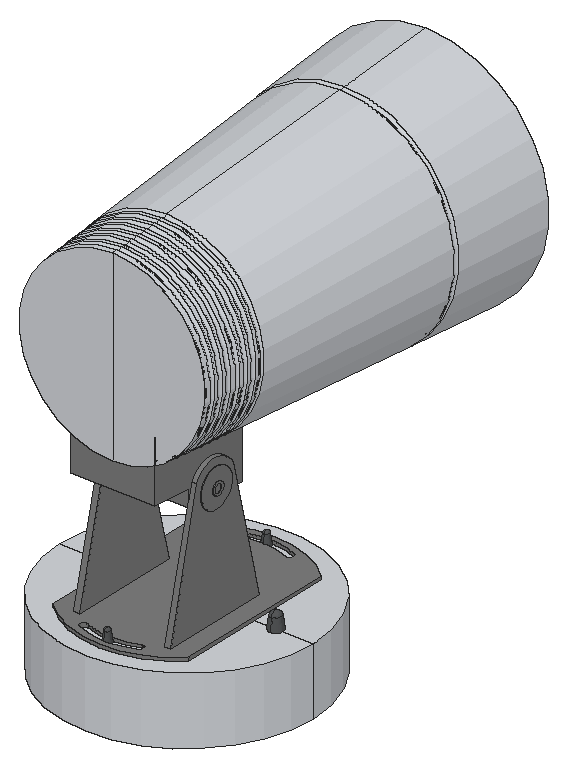
Revit family "REFLECTOR LANDSCAPE 02_RM40W.1.25", category Luminarias, Revit 2019
Family settings
  Cota de conector redondo = Diámetro de uso
  Tipo de pieza = Normal
  Se basa en plano de trabajo = Sí
  Siempre vertical = No
  Corte con vacíos al cargar = No
  Origen de luz = Sí
  Compartido = No
  Punto de cálculo de habitación = No
Parameters (values of type "RM40W.1.25")
  Ángulo de inclinación = 32.00°
  Zone [instance] = ""
  Watt per fixture = 44.8
  Wattage = 44.8 W
  built-in parameter 1150107 = 3000 (stored number, unit not read)
  built-in parameter 1150110 = 1 (stored number, unit not read)
  built-in parameter 1150109 = 1 (stored number, unit not read)
  built-in parameter 1150112 = 1 (stored number, unit not read)
  built-in parameter 1150113 = 1 (stored number, unit not read)
  built-in parameter 1114218 = 1 (stored number, unit not read)
  Keynote = ""
  built-in parameter 1150137 = (empty or 0)
  built-in parameter 1150132 = (empty or 0)
  Modelo = "RM40W.1.25"
  Lámpara = "NICHIA"
  built-in parameter 1150105 = 234.65 (stored number, unit not read)
  built-in parameter 1150102 = (empty or 0)
  built-in parameter 1150106 = 2.3465 (stored number, unit not read)
  Lumens = 2948.74 lm
  Color Filter = 16777215
  built-in parameter 1114217 = 1 (stored number, unit not read)
  built-in parameter 1150139 = (empty or 0)
  Fabricante = "BRILLANT"
  Default Elevation = 0 mm
  built-in parameter 1150104 = 6.1149 (stored number, unit not read)
  Descripción = "LUMINARIA TIPO REFLECTOR MONOCROMATICO DIRIGIBLE, CUERPO EN ALUMINIO FUNDIDO A PRESION CUBIERTO DE POLVO GRIS OSCURO Y VIDRIO TEMPLADO DE 3MM, CON UN PESO DE 5KG, CON 232MM DE LARGO POR 265MM DE ALTURA POR 110MM DE DIAMETRO, CUENTA CON 1 LED TIPO NICHIA CON UN CONSUMO DE 44.8W, 2949 LUMENES, IP 66, IRC 80, IK06, CABLE H05RN DE 0.5M, APERTURA DE 25 GRADOS EN STOCK, ALIMENTADA A 100-277V. ACCESORIOS OPCIONALES."
  built-in parameter 1150115 = 1 (stored number, unit not read)
  built-in parameter 1150114 = 1 (stored number, unit not read)
  Comentarios de vataje = "100-277V"
  built-in parameter 1150138 = (empty or 0)
  built-in parameter 1150134 = (empty or 0)
  Circuit [instance] = ""
  Dimming Lamp Color Temperature Shift = 1
  Archivo de red fotométrica = "RM40W.1_25º.ies"
  built-in parameter 1150133 = 10 (stored number, unit not read)
Reference planes
  plane 1 "Centro (Frontal/Posterior)": y = 0
  plane 2: z = 0
  plane 3 "Centro (Izquierda/Derecha)": x = 0
  plane 4: z = 265
Forms (mm)
  Revolve 1, solid, not visible
    sketch origin (-170.518, 44.498, 38.393) x (-1, 0, 0) y (0, 0, -1)
      loop
        line (92.846, -301.911) -> (92.846, -298.113) -> (82.028, -298.113)
        arc (82.028, -298.113) -> (87.129, -300.888) -> (92.846, -301.911) r 18.17
      axis (92.846, -298.113) -> (92.846, -301.911)
    angle from 0 to 360
  Extrusion 2, solid, material "Aluminio", not visible
    sketch origin (0, 0, 0) x (0, 1, 0) y (0, 0, 1)
      loop
        line (104, 336.506) -> (-104, 336.506) -> (-104, 228.571) -> (-94, 228.571)
        arc (-94, 228.571) -> (0, 201.039) -> (94, 228.571) r 174.234
        line (94, 228.571) -> (104, 228.571) -> (104, 336.506)
    from -339.373 to 342.161
  Extrusion 3, solid, material "Aluminio", not visible
    sketch origin (0, 0, 0) x (1, 0, 0) y (0, 1, 0)
      loop
        arc (-299.373, 104) -> (-315.725, 100.505) -> (-329.219, 90.632) r 40
        arc (-329.219, 90.632) -> (-323.254, 83.056) -> (-331.965, 87.19) r 4.952
        arc (-331.965, 87.19) -> (-337.476, 76.172) -> (-339.373, 64) r 40
        line (-339.373, 64) -> (-339.373, 1.506)
        arc (-339.373, 1.506) -> (-329.699, 0.016) -> (-339.373, -1.475) r 4.952
        line (-339.373, -1.475) -> (-339.373, -64)
        arc (-339.373, -64) -> (-337.476, -76.172) -> (-331.965, -87.19) r 40
        arc (-331.965, -87.19) -> (-323.254, -83.056) -> (-329.219, -90.632) r 4.952
        arc (-329.219, -90.632) -> (-315.725, -100.505) -> (-299.373, -104) r 40
        line (-299.373, -104) -> (-226.105, -104)
        arc (-226.105, -104) -> (-224.373, -94.409) -> (-222.642, -104) r 4.952
        line (-222.642, -104) -> (-77.408, -104)
        arc (-77.408, -104) -> (-75, -94.721) -> (-72.592, -104) r 4.952
        line (-72.592, -104) -> (-2.408, -104)
        arc (-2.408, -104) -> (0, -94.721) -> (2.408, -104) r 4.952
        line (2.408, -104) -> (72.592, -104)
        arc (72.592, -104) -> (75, -94.721) -> (77.408, -104) r 4.952
        line (77.408, -104) -> (177.592, -104)
        arc (177.592, -104) -> (180, -94.721) -> (182.408, -104) r 4.952
        line (182.408, -104) -> (302.161, -104)
        arc (302.161, -104) -> (318.513, -100.505) -> (332.007, -90.632) r 40
        arc (332.007, -90.632) -> (326.043, -83.056) -> (334.754, -87.19) r 4.952
        arc (334.754, -87.19) -> (340.265, -76.172) -> (342.161, -64) r 40
        line (342.161, -64) -> (342.161, -1.475)
        arc (342.161, -1.475) -> (332.487, 0.016) -> (342.161, 1.506) r 4.952
        line (342.161, 1.506) -> (342.161, 64)
        arc (342.161, 64) -> (340.265, 76.172) -> (334.754, 87.19) r 40
        arc (334.754, 87.19) -> (326.043, 83.056) -> (332.007, 90.632) r 4.952
        arc (332.007, 90.632) -> (318.513, 100.505) -> (302.161, 104) r 40
        line (302.161, 104) -> (182.408, 104)
        arc (182.408, 104) -> (180, 94.721) -> (177.592, 104) r 4.952
        line (177.592, 104) -> (77.408, 104)
        arc (77.408, 104) -> (75, 94.721) -> (72.592, 104) r 4.952
        line (72.592, 104) -> (2.408, 104)
        arc (2.408, 104) -> (0, 94.721) -> (-2.408, 104) r 4.952
        line (-2.408, 104) -> (-72.592, 104)
        arc (-72.592, 104) -> (-75, 94.721) -> (-77.408, 104) r 4.952
        line (-77.408, 104) -> (-221.965, 104)
        arc (-221.965, 104) -> (-224.373, 94.721) -> (-226.781, 104) r 4.952
        line (-226.781, 104) -> (-299.373, 104)
      loop
        arc (-299.373, 79) -> (-309.98, 74.607) -> (-314.373, 64) r 15
        line (-314.373, 64) -> (-314.373, -64)
        arc (-314.373, -64) -> (-309.98, -74.607) -> (-299.373, -79) r 15
        line (-299.373, -79) -> (302.161, -79)
        arc (302.161, -79) -> (312.768, -74.607) -> (317.161, -64) r 15
        line (317.161, -64) -> (317.161, 64)
        arc (317.161, 64) -> (312.768, 74.607) -> (302.161, 79) r 15
        line (302.161, 79) -> (-299.373, 79)
    from 336.506 to 345
  Extrusion 4, void, not visible
    sketch origin (0, 0, 0) x (1, 0, 0) y (0, 1, 0)
      loop
        arc (-339.373, 64) -> (-327.658, 92.284) -> (-299.373, 104) r 40
        line (-299.373, 104) -> (-339.373, 104) -> (-339.373, 64)
      loop
        line (-339.373, -64) -> (-339.373, -104) -> (-299.373, -104)
        arc (-299.373, -104) -> (-327.658, -92.284) -> (-339.373, -64) r 40
      loop
        line (342.161, 64) -> (342.161, 104) -> (302.161, 104)
        arc (302.161, 104) -> (330.446, 92.284) -> (342.161, 64) r 40
      loop
        arc (342.161, -64) -> (330.446, -92.284) -> (302.161, -104) r 40
        line (302.161, -104) -> (342.161, -104) -> (342.161, -64)
    from 176.462 to 336.506
  Extrusion 5, void, not visible
    sketch origin (0, 0, 0) x (1, 0, 0) y (0, 0, 1)
      loop
        line (-339.373, 184.64) -> (-274.373, 184.64) -> (-274.373, 259.64) -> (-339.373, 259.64) -> (-339.373, 184.64)
    from -104 to 104
  Extrusion 6, solid, material "Cristal", not visible
    sketch origin (0, 0, 0) x (1, 0, 0) y (0, 1, 0)
      loop
        arc (-299.373, 79) -> (-309.98, 74.607) -> (-314.373, 64) r 15
        line (-314.373, 64) -> (-314.373, -64)
        arc (-314.373, -64) -> (-309.98, -74.607) -> (-299.373, -79) r 15
        line (-299.373, -79) -> (302.161, -79)
        arc (302.161, -79) -> (312.768, -74.607) -> (317.161, -64) r 15
        line (317.161, -64) -> (317.161, 64)
        arc (317.161, 64) -> (312.768, 74.607) -> (302.161, 79) r 15
        line (302.161, 79) -> (-299.373, 79)
    from 342.509 to 345
  Revolve 7, solid, not visible
    sketch origin (356.21, 44.498, 38.393) x (-1, 0, 0) y (0, 0, -1)
      loop
        line (92.846, -301.911) -> (92.846, -298.113) -> (82.028, -298.113)
        arc (82.028, -298.113) -> (87.129, -300.888) -> (92.846, -301.911) r 18.17
      axis (92.846, -298.113) -> (92.846, -301.911)
    angle from 0 to 360
  Revolve 8, solid, not visible
    sketch origin (-104.677, 44.498, 38.393) x (-1, 0, 0) y (0, 0, -1)
      loop
        line (92.846, -301.911) -> (92.846, -298.113) -> (82.028, -298.113)
        arc (82.028, -298.113) -> (87.129, -300.888) -> (92.846, -301.911) r 18.17
      axis (92.846, -298.113) -> (92.846, -301.911)
    angle from 0 to 360
  Revolve 9, solid, not visible
    sketch origin (-38.836, 44.498, 38.393) x (-1, 0, 0) y (0, 0, -1)
      loop
        line (92.846, -301.911) -> (92.846, -298.113) -> (82.028, -298.113)
        arc (82.028, -298.113) -> (87.129, -300.888) -> (92.846, -301.911) r 18.17
      axis (92.846, -298.113) -> (92.846, -301.911)
    angle from 0 to 360
  Revolve 10, solid, not visible
    sketch origin (27.005, 44.498, 38.393) x (-1, 0, 0) y (0, 0, -1)
      loop
        line (92.846, -301.911) -> (92.846, -298.113) -> (82.028, -298.113)
        arc (82.028, -298.113) -> (87.129, -300.888) -> (92.846, -301.911) r 18.17
      axis (92.846, -298.113) -> (92.846, -301.911)
    angle from 0 to 360
  Revolve 11, solid, not visible
    sketch origin (92.846, 44.498, 38.393) x (-1, 0, 0) y (0, 0, -1)
      loop
        line (92.846, -301.911) -> (92.846, -298.113) -> (82.028, -298.113)
        arc (82.028, -298.113) -> (87.129, -300.888) -> (92.846, -301.911) r 18.17
      axis (92.846, -298.113) -> (92.846, -301.911)
    angle from 0 to 360
  Revolve 12, solid, not visible
    sketch origin (158.687, 44.498, 38.393) x (-1, 0, 0) y (0, 0, -1)
      loop
        line (92.846, -301.911) -> (92.846, -298.113) -> (82.028, -298.113)
        arc (82.028, -298.113) -> (87.129, -300.888) -> (92.846, -301.911) r 18.17
      axis (92.846, -298.113) -> (92.846, -301.911)
    angle from 0 to 360
  Revolve 13, solid, not visible
    sketch origin (224.528, 44.498, 38.393) x (-1, 0, 0) y (0, 0, -1)
      loop
        line (92.846, -301.911) -> (92.846, -298.113) -> (82.028, -298.113)
        arc (82.028, -298.113) -> (87.129, -300.888) -> (92.846, -301.911) r 18.17
      axis (92.846, -298.113) -> (92.846, -301.911)
    angle from 0 to 360
  Revolve 14, solid, not visible
    sketch origin (290.369, 44.498, 38.393) x (-1, 0, 0) y (0, 0, -1)
      loop
        line (92.846, -301.911) -> (92.846, -298.113) -> (82.028, -298.113)
        arc (82.028, -298.113) -> (87.129, -300.888) -> (92.846, -301.911) r 18.17
      axis (92.846, -298.113) -> (92.846, -301.911)
    angle from 0 to 360
  Revolve 15, solid, not visible
    sketch origin (-137.598, 0, 38.393) x (-1, 0, 0) y (0, 0, -1)
      loop
        line (92.846, -301.911) -> (92.846, -298.113) -> (82.028, -298.113)
        arc (82.028, -298.113) -> (87.129, -300.888) -> (92.846, -301.911) r 18.17
      axis (92.846, -298.113) -> (92.846, -301.911)
    angle from 0 to 360
  Revolve 16, solid, not visible
    sketch origin (389.13, 0, 38.393) x (-1, 0, 0) y (0, 0, -1)
      loop
        line (92.846, -301.911) -> (92.846, -298.113) -> (82.028, -298.113)
        arc (82.028, -298.113) -> (87.129, -300.888) -> (92.846, -301.911) r 18.17
      axis (92.846, -298.113) -> (92.846, -301.911)
    angle from 0 to 360
  Revolve 17, solid, not visible
    sketch origin (-71.757, 0, 38.393) x (-1, 0, 0) y (0, 0, -1)
      loop
        line (92.846, -301.911) -> (92.846, -298.113) -> (82.028, -298.113)
        arc (82.028, -298.113) -> (87.129, -300.888) -> (92.846, -301.911) r 18.17
      axis (92.846, -298.113) -> (92.846, -301.911)
    angle from 0 to 360
  Revolve 18, solid, not visible
    sketch origin (-5.916, 0, 38.393) x (-1, 0, 0) y (0, 0, -1)
      loop
        line (92.846, -301.911) -> (92.846, -298.113) -> (82.028, -298.113)
        arc (82.028, -298.113) -> (87.129, -300.888) -> (92.846, -301.911) r 18.17
      axis (92.846, -298.113) -> (92.846, -301.911)
    angle from 0 to 360
  Revolve 19, solid, not visible
    sketch origin (59.925, 0, 38.393) x (-1, 0, 0) y (0, 0, -1)
      loop
        line (92.846, -301.911) -> (92.846, -298.113) -> (82.028, -298.113)
        arc (82.028, -298.113) -> (87.129, -300.888) -> (92.846, -301.911) r 18.17
      axis (92.846, -298.113) -> (92.846, -301.911)
    angle from 0 to 360
  Revolve 20, solid, not visible
    sketch origin (125.766, 0, 38.393) x (-1, 0, 0) y (0, 0, -1)
      loop
        line (92.846, -301.911) -> (92.846, -298.113) -> (82.028, -298.113)
        arc (82.028, -298.113) -> (87.129, -300.888) -> (92.846, -301.911) r 18.17
      axis (92.846, -298.113) -> (92.846, -301.911)
    angle from 0 to 360
  Revolve 21, solid, not visible
    sketch origin (191.607, 0, 38.393) x (-1, 0, 0) y (0, 0, -1)
      loop
        line (92.846, -301.911) -> (92.846, -298.113) -> (82.028, -298.113)
        arc (82.028, -298.113) -> (87.129, -300.888) -> (92.846, -301.911) r 18.17
      axis (92.846, -298.113) -> (92.846, -301.911)
    angle from 0 to 360
  Revolve 22, solid, not visible
    sketch origin (257.448, 0, 38.393) x (-1, 0, 0) y (0, 0, -1)
      loop
        line (92.846, -301.911) -> (92.846, -298.113) -> (82.028, -298.113)
        arc (82.028, -298.113) -> (87.129, -300.888) -> (92.846, -301.911) r 18.17
      axis (92.846, -298.113) -> (92.846, -301.911)
    angle from 0 to 360
  Revolve 23, solid, not visible
    sketch origin (323.289, 0, 38.393) x (-1, 0, 0) y (0, 0, -1)
      loop
        line (92.846, -301.911) -> (92.846, -298.113) -> (82.028, -298.113)
        arc (82.028, -298.113) -> (87.129, -300.888) -> (92.846, -301.911) r 18.17
      axis (92.846, -298.113) -> (92.846, -301.911)
    angle from 0 to 360
  Revolve 24, solid, not visible
    sketch origin (-170.518, -44.498, 38.393) x (-1, 0, 0) y (0, 0, 1)
      loop
        arc (92.846, 301.911) -> (87.129, 300.888) -> (82.028, 298.113) r 18.17
        line (82.028, 298.113) -> (92.846, 298.113) -> (92.846, 301.911)
      axis (92.846, 298.113) -> (92.846, 301.911)
    angle from 0 to 360
  Revolve 25, solid, not visible
    sketch origin (356.21, -44.498, 38.393) x (-1, 0, 0) y (0, 0, 1)
      loop
        arc (92.846, 301.911) -> (87.129, 300.888) -> (82.028, 298.113) r 18.17
        line (82.028, 298.113) -> (92.846, 298.113) -> (92.846, 301.911)
      axis (92.846, 298.113) -> (92.846, 301.911)
    angle from 0 to 360
  Revolve 26, solid, not visible
    sketch origin (-104.677, -44.498, 38.393) x (-1, 0, 0) y (0, 0, 1)
      loop
        arc (92.846, 301.911) -> (87.129, 300.888) -> (82.028, 298.113) r 18.17
        line (82.028, 298.113) -> (92.846, 298.113) -> (92.846, 301.911)
      axis (92.846, 298.113) -> (92.846, 301.911)
    angle from 0 to 360
  Revolve 27, solid, not visible
    sketch origin (-38.836, -44.498, 38.393) x (-1, 0, 0) y (0, 0, 1)
      loop
        arc (92.846, 301.911) -> (87.129, 300.888) -> (82.028, 298.113) r 18.17
        line (82.028, 298.113) -> (92.846, 298.113) -> (92.846, 301.911)
      axis (92.846, 298.113) -> (92.846, 301.911)
    angle from 0 to 360
  Revolve 28, solid, not visible
    sketch origin (27.005, -44.498, 38.393) x (-1, 0, 0) y (0, 0, 1)
      loop
        arc (92.846, 301.911) -> (87.129, 300.888) -> (82.028, 298.113) r 18.17
        line (82.028, 298.113) -> (92.846, 298.113) -> (92.846, 301.911)
      axis (92.846, 298.113) -> (92.846, 301.911)
    angle from 0 to 360
  Revolve 29, solid, not visible
    sketch origin (92.846, -44.498, 38.393) x (-1, 0, 0) y (0, 0, 1)
      loop
        arc (92.846, 301.911) -> (87.129, 300.888) -> (82.028, 298.113) r 18.17
        line (82.028, 298.113) -> (92.846, 298.113) -> (92.846, 301.911)
      axis (92.846, 298.113) -> (92.846, 301.911)
    angle from 0 to 360
  Revolve 30, solid, not visible
    sketch origin (158.687, -44.498, 38.393) x (-1, 0, 0) y (0, 0, 1)
      loop
        arc (92.846, 301.911) -> (87.129, 300.888) -> (82.028, 298.113) r 18.17
        line (82.028, 298.113) -> (92.846, 298.113) -> (92.846, 301.911)
      axis (92.846, 298.113) -> (92.846, 301.911)
    angle from 0 to 360
  Revolve 31, solid, not visible
    sketch origin (224.528, -44.498, 38.393) x (-1, 0, 0) y (0, 0, 1)
      loop
        arc (92.846, 301.911) -> (87.129, 300.888) -> (82.028, 298.113) r 18.17
        line (82.028, 298.113) -> (92.846, 298.113) -> (92.846, 301.911)
      axis (92.846, 298.113) -> (92.846, 301.911)
    angle from 0 to 360
  Revolve 32, solid, not visible
    sketch origin (290.369, -44.498, 38.393) x (-1, 0, 0) y (0, 0, 1)
      loop
        arc (92.846, 301.911) -> (87.129, 300.888) -> (82.028, 298.113) r 18.17
        line (82.028, 298.113) -> (92.846, 298.113) -> (92.846, 301.911)
      axis (92.846, 298.113) -> (92.846, 301.911)
    angle from 0 to 360
  Revolve 33, solid
    sketch origin (0, 0, 0) x (1, 0, 0) y (0, 0, 1)
      loop
        line (-75, 2.5) -> (-70, 2.5) -> (-70, 37.859) -> (0, 37.859) -> (0, 42.5) -> (-75, 42.5) -> (-75, 2.5)
      axis (0, 42.5) -> (0, 2.5)
    angle from 0 to 360
  Revolve 34, solid
    sketch origin (0, 0, 22.187) x (0, 1, 0) y (0, 0, 1)
      loop
        line (176.563, 100.409) -> (113.633, 105.249) -> (113.633, 126.271) -> (109.979, 126.271) -> (106.954, 127.081) -> (89.276, 144.759) -> (89.276, 155)
        arc (89.276, 155) -> (95.402, 161.471) -> (97.981, 170) r 19.358
        line (97.981, 170) -> (-55, 170) -> (-55, 115) -> (-51.764, 114.751)
        arc (-51.764, 114.751) -> (-50.024, 115.659) -> (-48.443, 114.496) r 1.854
        line (-48.443, 114.496) -> (-46.174, 114.321)
        arc (-46.174, 114.321) -> (-44.435, 115.229) -> (-42.854, 114.066) r 1.854
        line (-42.854, 114.066) -> (-40.585, 113.891)
        arc (-40.585, 113.891) -> (-38.845, 114.799) -> (-37.265, 113.636) r 1.854
        line (-37.265, 113.636) -> (-34.996, 113.461)
        arc (-34.996, 113.461) -> (-33.256, 114.369) -> (-31.675, 113.206) r 1.854
        line (-31.675, 113.206) -> (-29.406, 113.031)
        arc (-29.406, 113.031) -> (-27.666, 113.939) -> (-26.086, 112.776) r 1.854
        line (-26.086, 112.776) -> (-23.817, 112.601)
        arc (-23.817, 112.601) -> (-22.077, 113.509) -> (-20.497, 112.346) r 1.854
        line (-20.497, 112.346) -> (-18.227, 112.171)
        arc (-18.227, 112.171) -> (-16.488, 113.079) -> (-14.907, 111.916) r 1.854
        line (-14.907, 111.916) -> (113.344, 102.05)
        arc (113.344, 102.05) -> (115.084, 102.958) -> (116.664, 101.795) r 1.854
        line (116.664, 101.795) -> (176.563, 97.187) -> (176.563, 100.409)
      axis (176.563, 170) -> (-55, 170)
    angle from 0 to 360
  Extrusion 35, solid, material "Aluminio"
    sketch origin (0, 0, -43.735) x (0, 1, 0) y (0, 0, 1)
      loop
        line (-54.831, 201.76) -> (-54.831, 165.8) -> (-29.908, 163.841) -> (-29.908, 153.692) -> (9.173, 150.62) -> (9.173, 196.728) -> (-54.831, 201.76)
    from -25.149 to 25.149
  Extrusion 36, solid, material "Aluminio"
    sketch origin (0, 0, 11.265) x (0, 1, 0) y (0, 0, 1)
      loop
        line (17.692, 33) -> (-1.709, 111.816)
        arc (-1.709, 111.816) -> (-14.9, 119.829) -> (-28.149, 111.911) r 14.954
        line (-28.149, 111.911) -> (-47.873, 33) -> (17.692, 33)
    from -28.531 to -25.149
  Extrusion 37, solid, material "Aluminio"
    sketch origin (0, 0, 58.14) x (0, 1, 0) y (0, 0, 1)
      loop
        circle (-14.907, 57.468) r 11.292
    from -29.584 to -28.531
  Extrusion 38, solid, material "Aluminio"
    sketch origin (0, 0, 58.14) x (0, 1, 0) y (0, 0, 1)
      loop
        circle (-14.907, 57.468) r 3.559
      loop
        line (-14.907, 60.379) -> (-17.428, 58.924) -> (-17.428, 56.013) -> (-14.907, 54.557) -> (-12.386, 56.013) -> (-12.386, 58.924) -> (-14.907, 60.379)
    from -30.722 to -29.584
  Extrusion 39, solid, material "Aluminio"
    sketch origin (0, 0, 0) x (1, 0, 0) y (0, 1, 0)
      loop
        line (40.326, -48.62) -> (40.326, 48.62)
        arc (40.326, 48.62) -> (0, 65) -> (-40.326, 48.62) r 57.829
        line (-40.326, 48.62) -> (-40.326, -48.62)
        arc (-40.326, -48.62) -> (0, -65) -> (40.326, -48.62) r 57.829
      loop
        arc (-17.728, -57.473) -> (0, -61.514) -> (17.728, -57.473) r 40.914
        arc (17.728, -57.473) -> (18.519, -54.562) -> (15.751, -53.36) r 2.306
        arc (15.751, -53.36) -> (0.2, -56.513) -> (-15.382, -53.512) r 40.914
        arc (-15.382, -53.512) -> (-18.424, -54.386) -> (-17.728, -57.473) r 2.306
      loop
        arc (-17.728, 57.473) -> (-18.424, 54.386) -> (-15.382, 53.512) r 2.306
        arc (-15.382, 53.512) -> (0.2, 56.513) -> (15.751, 53.36) r 40.914
        arc (15.751, 53.36) -> (18.519, 54.562) -> (17.728, 57.473) r 2.306
        arc (17.728, 57.473) -> (0, 61.514) -> (-17.728, 57.473) r 40.914
    from 42.5 to 44.265
  Revolve 40, solid, material "Plastico"
    sketch origin (0, -24.58, 9.5) x (0, -1, 0) y (0, 0, 1)
      loop
        line (36.899, 33) -> (36.085, 39.627)
        arc (36.085, 39.627) -> (35.469, 40.576) -> (34.399, 40.945) r 1.738
        line (34.399, 40.945) -> (34.399, 33) -> (36.899, 33)
      axis (34.399, 33) -> (34.399, 40.945)
    angle from 0 to 360
  Revolve 41, solid, material "Plastico"
    sketch origin (-52.824, 34.227, 9.5) x (0, -1, 0) y (0, 0, 1)
      loop
        line (38.461, 33) -> (37.551, 40.413)
        arc (37.551, 40.413) -> (36.399, 42.187) -> (34.399, 42.876) r 3.249
        line (34.399, 42.876) -> (34.399, 33) -> (38.461, 33)
      axis (34.399, 33) -> (34.399, 42.876)
    angle from 0 to 360
  Extrusion 42, solid, material "Cristal"
    sketch origin (0, 0, 56.166) x (1, 0, 0) y (0, 0, 1)
      loop
        circle (0.221, 135.65) r 43.729
    from -111.85 to -113.633
  Revolve 43, solid, material "Plastico"
    sketch origin (0, 24.615, 9.5) x (0, 1, 0) y (0, 0, 1)
      loop
        line (36.899, 33) -> (36.085, 39.627)
        arc (36.085, 39.627) -> (35.469, 40.576) -> (34.399, 40.945) r 1.738
        line (34.399, 40.945) -> (34.399, 33) -> (36.899, 33)
      axis (34.399, 33) -> (34.399, 40.945)
    angle from 0 to 360
  Revolve 44, solid, material "Plastico"
    sketch origin (52.824, 34.227, 9.5) x (0, -1, 0) y (0, 0, 1)
      loop
        line (38.461, 33) -> (37.551, 40.413)
        arc (37.551, 40.413) -> (36.399, 42.187) -> (34.399, 42.876) r 3.249
        line (34.399, 42.876) -> (34.399, 33) -> (38.461, 33)
      axis (34.399, 33) -> (34.399, 42.876)
    angle from 0 to 360
  Extrusion 45, solid, material "Aluminio"
    sketch origin (0, 0, 11.265) x (0, 1, 0) y (0, 0, -1)
      loop
        line (17.692, -33) -> (-47.873, -33) -> (-28.149, -111.911)
        arc (-28.149, -111.911) -> (-14.9, -119.829) -> (-1.709, -111.816) r 14.954
        line (-1.709, -111.816) -> (17.692, -33)
    from -28.531 to -25.149
  Extrusion 46, solid, material "Aluminio"
    sketch origin (0, 0, 58.14) x (0, 1, 0) y (0, 0, -1)
      loop
        circle (-14.907, -57.468) r 11.292
    from -29.584 to -28.531
  Extrusion 47, solid, material "Aluminio"
    sketch origin (0, 0, 58.14) x (0, 1, 0) y (0, 0, -1)
      loop
        circle (-14.907, -57.468) r 3.559
      loop
        line (-14.907, -60.379) -> (-12.386, -58.924) -> (-12.386, -56.013) -> (-14.907, -54.557) -> (-17.428, -56.013) -> (-17.428, -58.924) -> (-14.907, -60.379)
    from -30.722 to -29.584
Cuts and joins
  joined: Extrusion 36, Extrusion 39
Dimensions and locks
  plane 4 to level = 265 mm  (x2)
  plane 3 "Centro (Izquierda/Derecha)" to Revolve 33 sketch curve = 75 mm
  Revolve 34 sketch curve to Revolve 34 sketch curve = 55 mm
  plane 4 to Revolve 34 sketch curve = 145.625 mm
  Revolve 34 sketch curve to Revolve 34 sketch curve = 231.563 mm
  Revolve 33 to Revolve 33 = 40 mm
  aligned and locked: level to plane 2
Connectors
  electrical at (0, 0, 2.5)
    settings: on Revolve 33, index 1, voltage 277 V, apparent load 0 VA, apparent load phase1 0 VA, apparent load phase2 0 VA, apparent load phase3 0 VA, power factor 1, load classification "Otro", number of poles 1, system type 31, power factor state 1, is connector primary yes, connector utility no, sub classification motor no, connector description ""
